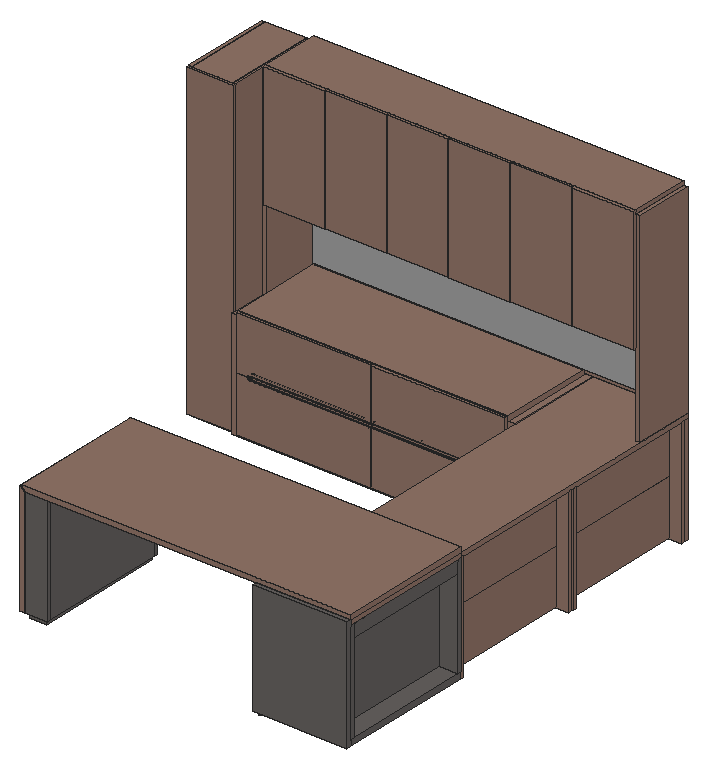
Revit family "OFS TYPICAL T100006", category Furniture, Revit 2022 (continued)
Definition of nested family "OFS SLATE OVERLAY WORK TABLE HEIGHT ADJUSTABLE"
  Forms (in)
    Extrusion 23, solid, material <- "Panel", visible <- "Right"
      sketch origin (0, 0, 0.45) x (1, 0, 0) y (0, 1, 0)
        loop
          line (24, 0) -> (0, 0) -> (0, -1.1875) -> (24, -1.1875) -> (24, 0)
      from 0 to 28.75
    Extrusion 24, solid, material <- "Panel", visible <- "Right"
      sketch origin (0, -30, 0) x (-1, 0, 0) y (0, 0, -1)
        loop
          line (-0.75, -28.0125) -> (0, -28.0125) -> (0, -24.7625) -> (-0.75, -24.7625) -> (-0.75, -28.0125)
      from -0.75 to -28.0625
    Extrusion 25, solid, material <- "Panel", visible <- "Right"
      sketch origin (0, -30, 0) x (-1, 0, 0) y (0, 0, -1)
        loop
          line (-5.74928, -27.26248) -> (-5, -27.26248) -> (-5, -1.7) -> (-5.74928, -1.7) -> (-5.74928, -27.26248)
      from -0.0625 to -28.8125
    Extrusion 26, solid, material <- "Worksurface", visible <- "Right"
      sketch origin (0, -30, 0) x (-1, 0, 0) y (0, 0, -1)
        loop
          line (-24, -29.2) -> (0, -29.2) -> (0, -28.0125) -> (-24, -28.0125) -> (-24, -29.2)
      from 0 to -28.8125
    Extrusion 27, solid, material <- "Panel", visible <- "Right"
      sketch origin (0, 0, 1.7) x (1, 0, 0) y (0, 1, 0)
        loop
          line (5, -1.9375) -> (5, -1.1875) -> (0, -1.1875) -> (0, -1.9375) -> (5, -1.9375)
        loop
          line (5, -29.25) -> (0, -29.25) -> (0, -30) -> (5, -30) -> (5, -29.25)
      from 0.25 to 26.3125
    Extrusion 28, solid, material <- "Panel", visible <- "Right"
      sketch origin (0, 0, 1.7) x (1, 0, 0) y (0, 1, 0)
        loop
          line (59.8125, -1.9375) -> (59.0625, -1.9375) -> (59.0625, -29.1875) -> (59.8125, -29.1875) -> (59.8125, -1.9375)
        loop
          line (64.0625, -1.9375) -> (64.0625, -29.1875) -> (64.8125, -29.1875) -> (64.8125, -1.9375) -> (64.0625, -1.9375)
      from 0 to 27.5
    Extrusion 29, solid, material <- "Panel", visible <- "Right"
      sketch origin (0, 0, 1.7) x (1, 0, 0) y (0, 1, 0)
        loop
          line (64.8125, -1.1875) -> (59.0625, -1.1875) -> (59.0625, -1.9375) -> (64.8125, -1.9375) -> (64.8125, -1.1875)
        loop
          line (64.8125, -29.9375) -> (64.8125, -29.1875) -> (59.0625, -29.1875) -> (59.0625, -29.9375) -> (64.8125, -29.9375)
      from 0 to 27.5
    Extrusion 30, solid, material <- "Worksurface", visible <- "Right"
      sketch origin (0, -30, 0) x (-1, 0, 0) y (0, 0, -1)
        loop
          line (0, -30.3875) -> (0, -29.2) -> (-64.8125, -29.2) -> (-65.78625, -30.17375)
          arc (-65.78625, -30.17375) -> (-65.8134, -30.3102) -> (-65.69771, -30.3875) r 0.12521
          line (-65.69771, -30.3875) -> (0, -30.3875)
      from 0 to -28.8125
    Extrusion 31, solid, material <- "Panel", visible <- "Right"
      sketch origin (0, 0, 0.45) x (1, 0, 0) y (0, 1, 0)
        loop
          line (5, -1.1875) -> (0, -1.1875) -> (0, -30) -> (5, -30) -> (5, -1.1875)
      from 0 to 1.5
    Extrusion 32, solid, material <- "Panel", visible <- "Right"
      sketch origin (0, 0, 0.45) x (1, 0, 0) y (0, 1, 0)
        loop
          line (64.0625, -1.9375) -> (59.8125, -1.9375) -> (59.8125, -29.1875) -> (64.0625, -29.1875) -> (64.0625, -1.9375)
      from 0 to 1.25
  Lines and regions (in)
    Masking region 1, visible <- "Left"
      outline origin (0, 0, 0) x (1, 0, 0) y (0, 1, 0)
        loop
          line (-66, -30) -> (0, -30) -> (0, 0) -> (-24, 0) -> (-24, -1.1875) -> (-66, -1.1875) -> (-66, -30)
    Masking region 2, visible <- "Right"
      outline origin (0, 0, 0) x (0, 1, 0) y (-1, 0, 0)
        loop
          line (-30, -66) -> (-1.1875, -66) -> (-1.1875, -24) -> (0, -24) -> (0, 0) -> (-30, 0) -> (-30, -66)
    symbolic lines, visible <- "Left", detail levels medium+fine
      curve 1: line (-24, -1.1875, 0) -> (0, -1.1875, 0)
    symbolic lines, visible <- "Right", detail levels medium+fine
      curve 2: line (24, -1.1875, 0) -> (0, -1.1875, 0)
  Dimensions and locks (in)
    "Width": plane 7 to plane 3 "Center (Left/Right)"
    equal spacing: plane 7, plane 9, plane 3 "Center (Left/Right)"
    "Width": plane 3 "Center (Left/Right)" to plane 8
    equal spacing: plane 3 "Center (Left/Right)", plane 10, plane 8
    "Depth": plane 6 "Front Face" to plane 1 "Center (Front/Back)"
    locked: plane 6 "Front Face" to plane 23 at 0.8125
    plane 7 to plane 14 "Left Side Base L" to plane 21 = 0' - 4 1/16" locked, 0' - 2 7/8" locked
    plane 22 to plane 15 "Right Side Base R" to plane 8 = 0' - 2 7/8" locked, 0' - 4 1/16" locked
    locked: plane 11 to plane 20 at 1.1875
    locked: plane 20 to Extrusion 8 sketch curve at 1.1875
    locked: plane 20 to Extrusion 26 sketch curve at 1.1875
    aligned and locked: level to plane 2
    aligned and locked: Extrusion 1 sketch curve to plane 7
    aligned and locked: plane 6 "Front Face" to Extrusion 1
    aligned and locked: plane 5 to Extrusion 1
    aligned and locked: Extrusion 2 sketch curve to plane 5
    aligned and locked: Extrusion 2 sketch curve to plane 21
    aligned and locked: plane 21 to Extrusion 2 sketch curve
    aligned and locked: plane 24 to Extrusion 2 sketch curve
    aligned and locked: Extrusion 2 sketch curve to plane 23
    aligned and locked: plane 24 to Extrusion 3 sketch curve
    aligned and locked: Extrusion 3 sketch curve to plane 24
    aligned and locked: Extrusion 3 sketch curve to plane 21
    aligned and locked: plane 23 to Extrusion 3 sketch curve
    aligned and locked: Extrusion 3 sketch curve to plane 23
    aligned and locked: Extrusion 2 to plane 12 "Base 2"
    aligned and locked: plane 20 to Extrusion 2
    aligned and locked: Extrusion 3 to plane 12 "Base 2"
    aligned and locked: plane 20 to Extrusion 3
    aligned and locked: Extrusion 4 sketch curve to plane 24
    aligned and locked: Extrusion 4 sketch curve to plane 23
    aligned and locked: plane 12 "Base 2" to Extrusion 4
    aligned and locked: Extrusion 4 to plane 13 "Base 1"
    aligned and locked: Revolve 6 sketch curve to plane 13 "Base 1"
    aligned and locked: plane 2 to Revolve 6 sketch curve
    aligned and locked: plane 5 to Extrusion 7 sketch curve
    aligned and locked: plane 1 "Center (Front/Back)" to Extrusion 7 sketch curve
    aligned and locked: Extrusion 7 sketch curve to plane 3 "Center (Left/Right)"
    aligned and locked: Extrusion 7 to plane 13 "Base 1"
    aligned and locked: Extrusion 8 sketch curve to plane 3 "Center (Left/Right)"
    aligned and locked: Extrusion 8 sketch curve to plane 20
    aligned and locked: Extrusion 8 to plane 6 "Front Face"
    aligned and locked: plane 5 to Extrusion 8
    aligned and locked: Extrusion 9 sketch curve to plane 3 "Center (Left/Right)"
    aligned and locked: Extrusion 9 to plane 6 "Front Face"
    aligned and locked: plane 5 to Extrusion 9
    aligned and locked: Revolve 11 sketch curve to plane 13 "Base 1"
    aligned and locked: plane 2 to Revolve 11 sketch curve
    aligned and locked: plane 13 "Base 1" to Revolve 12 sketch curve
    aligned and locked: Revolve 12 sketch curve to plane 2
    aligned and locked: Extrusion 13 sketch curve to plane 3 "Center (Left/Right)"
    aligned and locked: Extrusion 13 sketch curve to plane 6 "Front Face"
    aligned and locked: Extrusion 13 sketch curve to plane 24
    aligned and locked: plane 3 "Center (Left/Right)" to Extrusion 13 sketch curve
    aligned and locked: plane 5 to Extrusion 13 sketch curve
    aligned and locked: plane 12 "Base 2" to Extrusion 14 sketch curve
    aligned and locked: plane 5 to Extrusion 14
    aligned and locked: Extrusion 15 sketch curve to plane 3 "Center (Left/Right)"
    aligned and locked: plane 24 to Extrusion 15
    aligned and locked: Extrusion 16 sketch curve to plane 5
    aligned and locked: Extrusion 16 sketch curve to plane 3 "Center (Left/Right)"
    aligned and locked: Extrusion 16 sketch curve to plane 6 "Front Face"
    aligned and locked: Extrusion 16 to plane 13 "Base 1"
    aligned and locked: plane 7 to Masking region 1 sketch curve
    aligned and locked: plane 6 "Front Face" to Masking region 1 sketch curve
    aligned and locked: plane 3 "Center (Left/Right)" to Masking region 1 sketch curve
    aligned and locked: plane 5 to Masking region 1 sketch curve
    aligned and locked: Masking region 1 sketch curve to plane 1 "Center (Front/Back)"
    aligned and locked: Masking region 1 sketch curve to Extrusion 7
    aligned and locked: Extrusion 7 to curve 1
    aligned and locked: plane 3 "Center (Left/Right)" to curve 1
    aligned and locked: curve 1 to plane 5
    aligned and locked: nested 1 to plane 6 "Front Face"
    aligned and locked: plane 9 to nested 1
    aligned and locked: plane 3 "Center (Left/Right)" to Masking region 2 sketch curve
    aligned and locked: Masking region 2 sketch curve to plane 6 "Front Face"
    aligned and locked: Masking region 2 sketch curve to plane 8
    aligned and locked: Masking region 2 sketch curve to plane 5
    aligned and locked: plane 1 "Center (Front/Back)" to Masking region 2 sketch curve
    aligned and locked: plane 8 to Extrusion 20 sketch curve
    aligned and locked: plane 12 "Base 2" to Extrusion 20 sketch curve
    aligned and locked: plane 20 to Extrusion 20 sketch curve
    aligned and locked: plane 6 "Front Face" to Extrusion 20
    aligned and locked: plane 5 to Extrusion 20
    aligned and locked: Extrusion 23 sketch curve to plane 3 "Center (Left/Right)"
    aligned and locked: Extrusion 23 sketch curve to plane 5
    aligned and locked: Extrusion 23 sketch curve to plane 1 "Center (Front/Back)"
    aligned and locked: plane 24 to Extrusion 24
    aligned and locked: Extrusion 24 to Extrusion 13
    aligned and locked: Extrusion 15 to Extrusion 13
    aligned and locked: plane 5 to Extrusion 25
    aligned and locked: Extrusion 14 to Extrusion 25
    aligned and locked: plane 5 to Extrusion 26
    aligned and locked: plane 6 "Front Face" to Extrusion 26
    aligned and locked: Extrusion 26 to Extrusion 23
    aligned and locked: plane 3 "Center (Left/Right)" to Extrusion 27 sketch curve
    aligned and locked: Extrusion 27 sketch curve to Extrusion 25  (x2)
    aligned and locked: Extrusion 27 sketch curve to plane 5
    aligned and locked: plane 24 to Extrusion 27 sketch curve
    aligned and locked: Extrusion 27 sketch curve to plane 3 "Center (Left/Right)"
    aligned and locked: plane 6 "Front Face" to Extrusion 27 sketch curve
    aligned and locked: Extrusion 28 sketch curve to plane 24
    aligned and locked: plane 24 to Extrusion 28 sketch curve
    aligned and locked: plane 22 to Extrusion 28 sketch curve
    aligned and locked: Extrusion 20 to Extrusion 28 sketch curve
    aligned and locked: plane 23 to Extrusion 28 sketch curve
    aligned and locked: Extrusion 28 sketch curve to plane 23
    aligned and locked: plane 5 to Extrusion 29 sketch curve
    aligned and locked: Extrusion 29 sketch curve to plane 24
    aligned and locked: plane 23 to Extrusion 29 sketch curve
    aligned and locked: Extrusion 29 sketch curve to Extrusion 28
    aligned and locked: Extrusion 29 sketch curve to plane 22
    aligned and locked: plane 22 to Extrusion 29 sketch curve
    aligned and locked: plane 5 to Extrusion 30
    aligned and locked: plane 6 "Front Face" to Extrusion 30
    aligned and locked: Extrusion 30 sketch curve to plane 3 "Center (Left/Right)"
    aligned and locked: plane 11 to Extrusion 30 sketch curve
    aligned and locked: plane 20 to Extrusion 30 sketch curve
    aligned and locked: Extrusion 9 to plane 11
    aligned and locked: Extrusion 9 to plane 20
    aligned and locked: Extrusion 9 to Extrusion 1
    aligned and locked: Extrusion 13 to Extrusion 8
    aligned and locked: Extrusion 27 to Extrusion 26
    aligned and locked: plane 20 to Extrusion 29
    aligned and locked: plane 20 to Extrusion 28
    aligned and locked: Extrusion 9 sketch curve to plane 11
    aligned and locked: plane 20 to Extrusion 8
    aligned and locked: plane 20 to Extrusion 9 sketch curve
    aligned and locked: plane 20 to Extrusion 7
    aligned and locked: plane 20 to Extrusion 23
    aligned and locked: plane 5 to Extrusion 31 sketch curve
    aligned and locked: plane 6 "Front Face" to Extrusion 31 sketch curve
    aligned and locked: Extrusion 31 sketch curve to plane 3 "Center (Left/Right)"
    aligned and locked: plane 24 to Extrusion 32 sketch curve
    aligned and locked: plane 23 to Extrusion 32 sketch curve
    aligned and locked: plane 12 "Base 2" to Extrusion 32
    aligned and locked: plane 10 to nested 2
    aligned and locked: plane 6 "Front Face" to nested 2
    aligned and locked: Extrusion 23 to plane 5
    aligned and locked: curve 2 to Extrusion 23
    aligned and locked: Extrusion 23 to plane 1 "Center (Front/Back)"
    aligned and locked: plane 5 to Masking region 2
    aligned and locked: plane 6 "Front Face" to Masking region 2
    aligned and locked: Extrusion 30 to plane 3 "Center (Left/Right)"
  Automatic sketch dimensions
    Extrusion 3 sketch curve to plane 21 = 0' - 0 3/4"
    Extrusion 3 sketch curve to plane 7 = 0' - 1 15/16"
    Extrusion 3 sketch curve to Extrusion 3 sketch curve = 0' - 0 3/4"
    Extrusion 4 sketch curve to plane 21 = 0' - 0 3/4"
    Extrusion 4 sketch curve to plane 7 = 0' - 1 15/16"
    plane 18 "RLI" to Extrusion 7 sketch curve = 0' - 1 1/2"
    plane 18 "RLI" to Extrusion 8 sketch curve = 0' - 1 1/2"
    plane 16 "RLO" to Extrusion 16 sketch curve = 0' - 2 1/2"
    Extrusion 31 sketch curve to plane 17 "LLO" = 0' - 2 1/2"
    plane 22 to Extrusion 32 sketch curve = 0' - 0 3/4"
    plane 8 to Extrusion 32 sketch curve = 0' - 1 15/16"
    Extrusion 1 sketch curve to plane 12 "Base 2" = 0' - 0"
    Extrusion 1 sketch curve to plane 20 = 0' - 0"
    Extrusion 1 sketch curve to Extrusion 1 sketch curve = 0' - 0.12464"
    Extrusion 1 sketch curve to Extrusion 1 sketch curve = 0' - 0.08814"
    Extrusion 1 sketch curve to plane 7 = 0' - 1 3/16"
    plane 11 to Extrusion 1 sketch curve = 0' - 0.30092"
    Extrusion 2 sketch curve to plane 7 = 0' - 1 3/16"  (x2)
    Extrusion 2 sketch curve to plane 6 "Front Face" = 0' - 0 1/16"
    Revolve 5 sketch curve to plane 13 "Base 1" = 0' - 0"  (x2)
    Revolve 5 sketch curve to level = 0' - 0"  (x2)
    Revolve 5 sketch curve to plane 23 = 0' - 1.26355"
    level to Revolve 5 sketch curve = 0' - 0.13"
    Revolve 5 sketch curve to Revolve 5 sketch curve = 0' - 0.245"
    Revolve 5 sketch curve to Revolve 5 sketch curve = 0' - 0.28868"
    Revolve 5 sketch curve to Revolve 5 sketch curve = 0' - 0"
    Revolve 6 sketch curve to level = 0' - 0"
    Revolve 6 sketch curve to plane 13 "Base 1" = 0' - 0"
    Revolve 6 sketch curve to plane 24 = 0' - 1.26355"
    level to Revolve 6 sketch curve = 0' - 0.13"
    Revolve 6 sketch curve to Revolve 6 sketch curve = 0' - 0.245"
    Revolve 6 sketch curve to Revolve 6 sketch curve = 0' - 0.28868"
    Revolve 6 sketch curve to Revolve 6 sketch curve = 0' - 0"
    Extrusion 9 sketch curve to plane 7 = 0' - 1 3/16"
    Extrusion 9 sketch curve to plane 7 = 0' - 0.30229"
    Extrusion 9 sketch curve to Extrusion 9 sketch curve = 0' - 0.08854"
    plane 11 to Extrusion 9 sketch curve = 0' - 0.21375"
    Revolve 10 sketch curve to level = 0' - 0"  (x2)
    Revolve 10 sketch curve to plane 13 "Base 1" = 0' - 0"  (x2)
    plane 1 "Center (Front/Back)" to Revolve 10 sketch curve = 0' - 0 19/32"
    level to Revolve 10 sketch curve = 0' - 0.13"
    Revolve 10 sketch curve to Revolve 10 sketch curve = 0' - 0.245"
    Revolve 10 sketch curve to Revolve 10 sketch curve = 0' - 0.28868"
    Revolve 10 sketch curve to Revolve 10 sketch curve = 0' - 0"
    Revolve 11 sketch curve to level = 0' - 0"
    Revolve 11 sketch curve to plane 13 "Base 1" = 0' - 0"
    Revolve 11 sketch curve to plane 24 = 0' - 0.77631"
    level to Revolve 11 sketch curve = 0' - 0.13"
    Revolve 11 sketch curve to Revolve 11 sketch curve = 0' - 0.245"
    Revolve 11 sketch curve to Revolve 11 sketch curve = 0' - 0.28868"
    Revolve 11 sketch curve to Revolve 11 sketch curve = 0' - 0"
    Revolve 12 sketch curve to plane 13 "Base 1" = 0' - 0"
    Revolve 12 sketch curve to level = 0' - 0"
    Revolve 12 sketch curve to plane 23 = 0' - 0.71381"
    level to Revolve 12 sketch curve = 0' - 0.13"
    Revolve 12 sketch curve to Revolve 12 sketch curve = 0' - 0.245"
    Revolve 12 sketch curve to Revolve 12 sketch curve = 0' - 0.28868"
    Revolve 12 sketch curve to Revolve 12 sketch curve = 0' - 0"
    plane 16 "RLO" to Extrusion 13 sketch curve = 0' - 2 1/2"  (x2)
    plane 23 to Extrusion 13 sketch curve = 0' - 0 1/16"
    plane 16 "RLO" to Extrusion 14 sketch curve = 0' - 3.24928"
    Extrusion 14 sketch curve to Extrusion 14 sketch curve = 0' - 0.74928"
    Extrusion 14 sketch curve to plane 20 = 0' - 1.93752"
    Extrusion 15 sketch curve to plane 3 "Center (Left/Right)" = 0' - 0 3/4"
    Extrusion 15 sketch curve to plane 20 = 0' - 4 7/16"
    Extrusion 15 sketch curve to plane 20 = 0' - 1 3/16"
    Revolve 17 sketch curve to plane 13 "Base 1" = 0' - 0"  (x2)
    Revolve 17 sketch curve to level = 0' - 0"  (x2)
    plane 23 to Revolve 17 sketch curve = 0' - 1.26355"
    Revolve 17 sketch curve to level = 0' - 0.13"
    Revolve 17 sketch curve to Revolve 17 sketch curve = 0' - 0.245"
    Revolve 17 sketch curve to Revolve 17 sketch curve = 0' - 0.28868"
    Revolve 17 sketch curve to Revolve 17 sketch curve = 0' - 0"
    Revolve 18 sketch curve to level = 0' - 0"  (x2)
    Revolve 18 sketch curve to plane 13 "Base 1" = 0' - 0"  (x2)
    plane 24 to Revolve 18 sketch curve = 0' - 1.26355"
    Revolve 18 sketch curve to level = 0' - 0.13"
    Revolve 18 sketch curve to Revolve 18 sketch curve = 0' - 0.245"
    Revolve 18 sketch curve to Revolve 18 sketch curve = 0' - 0.28868"
    Revolve 18 sketch curve to Revolve 18 sketch curve = 0' - 0"
    Revolve 19 sketch curve to level = 0' - 0"  (x2)
    Revolve 19 sketch curve to plane 13 "Base 1" = 0' - 0"  (x2)
    plane 1 "Center (Front/Back)" to Revolve 19 sketch curve = 0' - 0 19/32"
    level to Revolve 19 sketch curve = 0' - 0.13"
    Revolve 19 sketch curve to Revolve 19 sketch curve = 0' - 0.245"
    Revolve 19 sketch curve to Revolve 19 sketch curve = 0' - 0.28868"
    Revolve 19 sketch curve to Revolve 19 sketch curve = 0' - 0"
    Masking region 2 sketch curve to plane 19 "LLI" = 0' - 1 1/2"
    Extrusion 20 sketch curve to Extrusion 20 sketch curve = 0' - 0.12464"
    Extrusion 20 sketch curve to Extrusion 20 sketch curve = 0' - 0.08814"
    Extrusion 20 sketch curve to Extrusion 20 sketch curve = 0' - 1 3/16"
    Extrusion 20 sketch curve to plane 11 = 0' - 0.30092"
    Revolve 21 sketch curve to plane 13 "Base 1" = 0' - 0"  (x2)
    Revolve 21 sketch curve to level = 0' - 0"  (x2)
    Revolve 21 sketch curve to plane 24 = 0' - 1.06498"
    Revolve 21 sketch curve to Revolve 21 sketch curve = 0' - 0.04367"
    Revolve 21 sketch curve to Revolve 21 sketch curve = 0' - 0.28868"
    Revolve 21 sketch curve to Revolve 21 sketch curve = 0' - 0.13"
    Revolve 21 sketch curve to Revolve 21 sketch curve = 0' - 0"
    Revolve 22 sketch curve to plane 13 "Base 1" = 0' - 0"  (x2)
    Revolve 22 sketch curve to level = 0' - 0"  (x2)
    Revolve 22 sketch curve to plane 23 = 0' - 0.42513"
    Revolve 22 sketch curve to Revolve 22 sketch curve = 0' - 0.04368"
    Revolve 22 sketch curve to Revolve 22 sketch curve = 0' - 0.245"
    level to Revolve 22 sketch curve = 0' - 0.13"
    Revolve 22 sketch curve to Revolve 22 sketch curve = 0' - 0"
    plane 19 "LLI" to Extrusion 23 sketch curve = 0' - 1 1/2"
    Extrusion 24 sketch curve to plane 3 "Center (Left/Right)" = 0' - 0"
    Extrusion 24 sketch curve to plane 3 "Center (Left/Right)" = 0' - 0 3/4"
    plane 20 to Extrusion 24 sketch curve = 0' - 4 7/16"
    plane 20 to Extrusion 24 sketch curve = 0' - 1 3/16"
    Extrusion 25 sketch curve to plane 12 "Base 2" = 0' - 0"
    Extrusion 25 sketch curve to plane 17 "LLO" = 0' - 3.24928"
    Extrusion 25 sketch curve to Extrusion 25 sketch curve = 0' - 0.74928"
    plane 20 to Extrusion 25 sketch curve = 0' - 1.93752"
    Extrusion 26 sketch curve to plane 20 = 0' - 0"
    Extrusion 26 sketch curve to plane 3 "Center (Left/Right)" = 0' - 0"
    plane 19 "LLI" to Extrusion 26 sketch curve = 0' - 1 1/2"
    Extrusion 27 sketch curve to plane 23 = 0' - 0 1/16"
    Extrusion 28 sketch curve to Extrusion 28 sketch curve = 0' - 0 3/4"  (x2)
    plane 8 to Extrusion 29 sketch curve = 0' - 1 3/16"
    plane 6 "Front Face" to Extrusion 29 sketch curve = 0' - 0 1/16"
    plane 8 to Extrusion 30 sketch curve = 0' - 1 3/16"
    plane 8 to Extrusion 30 sketch curve = 0' - 0.30229"
    Extrusion 30 sketch curve to Extrusion 30 sketch curve = 0' - 0.08854"
    Extrusion 30 sketch curve to plane 11 = 0' - 0.21375"
  Nested families (in)
    nested 1: "Tag" at (-33, -30, 0) x (-1, 0, 0) z (0, 0, 1), visible <- "Left", type "Center", detail levels fine
      with Offset (LR) 0' - 0", Distance of Center (not Change) 0' - 0.11"
    nested 2: "Tag" at (33, -30, 0), visible <- "Right", type "Center", detail levels fine
      with Offset (LR) 0' - 0", Distance of Center (not Change) 0' - 0.11"
  Definition of nested family "Tag"
    Parameters
      P_Width = 0' - 0"
      Text_Width = "Empty"
      Text_Height = "Empty"
      Text_Diameter = "Empty"
      Text_Depth = "Empty"
      Offset (LR) [instance] = 0' - 0"
      Model Name = "EK-7168-E"
      P_Height = 0' - 0"
      Distance of Center (not Change) = 0' - 0"
      P_Diameter = 0' - 0"
      P_Depth = 0' - 0"
    Reference planes (in)
      plane 1: y = 0
      plane 2: x = 0
    Lines and regions (in)
      reference lines
        curve 1: line (-0.44359, 0, 0) -> (0.41085, 0, 0)
        curve 3: line (0, 0.32564, 0) -> (0, -0.40221, 0)
      reference lines, not visible
        curve 2: line (-0.44359, 0.09843, 0) -> (0.41085, 0.09843, 0)
        curve 4: line (0, 0.42407, 0) -> (0, -0.30379, 0)
    Text (in)
      label "Empty" at (0.00197, -0.0079, 0), shows "Model Name"
      label "Empty" at (0.00197, 0.09052, 0), shows "Model Name", not visible
    Dimensions and locks (in)
      "Distance of Center (not Change)": plane 1 to curve 1
      "Offset (LR)": curve 3 to plane 2
    Automatic sketch dimensions
      curve 1 to curve 3 = 0' - 0.44359"
      curve 3 to curve 1 = 0' - 0.41085"
      curve 3 to curve 1 = 0' - 0.40221"
      curve 1 to curve 3 = 0' - 0.32564"
      curve 2 to curve 4 = 0' - 0.44359"
      curve 4 to curve 2 = 0' - 0.41085"
      curve 4 to curve 2 = 0' - 0.40221"
      curve 2 to curve 4 = 0' - 0.32564"
Definition of nested family "OFS SLATE OVERLAY HIGHBACK ORGANIZER"
  Parameters (values of type "Overlay Highback Organizer 4 Doors 78W x 52H - 2 High")
    Show Doors [instance] = yes
    Width = 6' - 6"
    URL = "http://www.ofs.com/"
    Top [instance] = none
    Default Elevation = 0' - 0"
    Base Panel [instance] = none
    Panel [instance] = none
    Model = "CA-A7853HD31"
    Manufacturer = "CAROLINA"
    Length 2 = if(Width > 7' 0", Length 1 - 0' 0.063", Width / 2 - 0' 1")  # 3' - 2"
    Length 1 = if(Width > 7' 0", (Width / 6 - 0' 0.31"), 0' 0")  # 0' - 0"
    High = 2
    Height 1 = if(and(High = 1, Height = 3' 5"), 1' 7", if(and(High = 1.5, Height = 4' 5"), 2' 1", if(and(High = 2, Height = 4' 5"), 2' 7", 2' 1")))  # 2' - 7"
    Height = 4' - 5"
    Elevation [instance] = 2' - 5 1/4"
    Doors [instance] = none
    Description = "OFS SLATE Overlay Highback Organizer 4 Doors, 78W x 15.75D x 52.5H, Slate Private Office"
    Copyright © = "© 2019 OFS"
    Center Doors [instance] = and(Show Doors, Width > 7' 0")  # no
    Catalog = "https://ofs.com/products/tables/conference/slate"
    Base [instance] = none
    Back [instance] = none
    Authoring Version = "Autodesk Revit Architecture 2014"
    Assembly Code = "E2020200"
  Types (27): name | Width | Model | Length 2 | Length 1 | High | Height 1 | Height | Description | Center Doors
    Overlay Highback Organizer 6 Doors 108W x 52H - 2 High | 9' - 0" | "CA-A10853HD31" | 1' - 5.627" | 1' - 5.69" | 2 | 2' - 7" | 4' - 5" | "OFS SLATE Overlay Highback Organizer 6 Doors, 108W x 15.75D x 52.5H, Slate Private Office" | yes
    Overlay Highback Organizer 6 Doors 102W x 52H - 2 High | 8' - 6" | "CA-A10253HD31" | 1' - 4.627" | 1' - 4.69" | 2 | 2' - 7" | 4' - 5" | "OFS SLATE Overlay Highback Organizer 6 Doors, 102W x 15.75D x 52.5H, Slate Private Office" | yes
    Overlay Highback Organizer 6 Doors 96W x 52H - 2 High | 8' - 0" | "CA-A9653HD31" | 1' - 3.627" | 1' - 3.69" | 2 | 2' - 7" | 4' - 5" | "OFS SLATE Overlay Highback Organizer 6 Doors, 96W x 15.75D x 52.5H, Slate Private Office" | yes
    Overlay Highback Organizer 6 Doors 90W x 52H - 2 High | 7' - 6" | "CA-A9053HD31" | 1' - 2.627" | 1' - 2.69" | 2 | 2' - 7" | 4' - 5" | "OFS SLATE Overlay Highback Organizer 6 Doors, 90W x 15.75D x 52.5H, Slate Private Office" | yes
    Overlay Highback Organizer 4 Doors 84W x 52H - 2 High | 7' - 0" | "CA-A8453HD31" | 3' - 5" | 0' - 0" | 2 | 2' - 7" | 4' - 5" | "OFS SLATE Overlay Highback Organizer 4 Doors, 84W x 15.75D x 52.5H, Slate Private Office" | no
    Overlay Highback Organizer 4 Doors 78W x 52H - 2 High | 6' - 6" | "CA-A7853HD31" | 3' - 2" | 0' - 0" | 2 | 2' - 7" | 4' - 5" | "OFS SLATE Overlay Highback Organizer 4 Doors, 78W x 15.75D x 52.5H, Slate Private Office" | no
    Overlay Highback Organizer 4 Doors 72W x 52H - 2 High | 6' - 0" | "CA-A7253HD31" | 2' - 11" | 0' - 0" | 2 | 2' - 7" | 4' - 5" | "OFS SLATE Overlay Highback Organizer 4 Doors, 72W x 15.75D x 52.5H, Slate Private Office" | no
    Overlay Highback Organizer 4 Doors 66W x 52H - 2 High | 5' - 6" | "CA-A6653HD31" | 2' - 8" | 0' - 0" | 2 | 2' - 7" | 4' - 5" | "OFS SLATE Overlay Highback Organizer 4 Doors, 66W x 15.75D x 52.5H, Slate Private Office" | no
    Overlay Highback Organizer 4 Doors 60W x 52H - 2 High | 5' - 0" | "CA-A6053HD31" | 2' - 5" | 0' - 0" | 2 | 2' - 7" | 4' - 5" | "OFS SLATE Overlay Highback Organizer 4 Doors, 60W x 15.75D x 52.5H, Slate Private Office" | no
    Overlay Highback Organizer 6 Doors 108W x 52H - 1.5 High | 9' - 0" | "CA-A10853HD25" | 1' - 5.627" | 1' - 5.69" | 1.5 | 2' - 1" | 4' - 5" | "OFS SLATE Overlay Highback Organizer 6 Doors, 108W x 15.75D x 52.5H, Slate Private Office" | yes
    Overlay Highback Organizer 6 Doors 102W x 52H - 1.5 High | 8' - 6" | "CA-A10253HD25" | 1' - 4.627" | 1' - 4.69" | 1.5 | 2' - 1" | 4' - 5" | "OFS SLATE Overlay Highback Organizer 6 Doors, 102W x 15.75D x 52.5H, Slate Private Office" | yes
    Overlay Highback Organizer 6 Doors 96W x 52H - 1.5 High | 8' - 0" | "CA-A9653HD25" | 1' - 3.627" | 1' - 3.69" | 1.5 | 2' - 1" | 4' - 5" | "OFS SLATE Overlay Highback Organizer 6 Doors, 96W x 15.75D x 52.5H, Slate Private Office" | yes
    Overlay Highback Organizer 6 Doors 90W x 52H - 1.5 High | 7' - 6" | "CA-A9053HD25" | 1' - 2.627" | 1' - 2.69" | 1.5 | 2' - 1" | 4' - 5" | "OFS SLATE Overlay Highback Organizer 6 Doors, 90W x 15.75D x 52.5H, Slate Private Office" | yes
    Overlay Highback Organizer 4 Doors 84W x 52H - 1.5 High | 7' - 0" | "CA-A8453HD25" | 3' - 5" | 0' - 0" | 1.5 | 2' - 1" | 4' - 5" | "OFS SLATE Overlay Highback Organizer 4 Doors, 84W x 15.75D x 52.5H, Slate Private Office" | no
    Overlay Highback Organizer 4 Doors 78W x 52H - 1.5 High | 6' - 6" | "CA-A7853HD25" | 3' - 2" | 0' - 0" | 1.5 | 2' - 1" | 4' - 5" | "OFS SLATE Overlay Highback Organizer 4 Doors, 78W x 15.75D x 52.5H, Slate Private Office" | no
    Overlay Highback Organizer 4 Doors 72W x 52H - 1.5 High | 6' - 0" | "CA-A7253HD25" | 2' - 11" | 0' - 0" | 1.5 | 2' - 1" | 4' - 5" | "OFS SLATE Overlay Highback Organizer 4 Doors, 72W x 15.75D x 52.5H, Slate Private Office" | no
    Overlay Highback Organizer 4 Doors 66W x 52H - 1.5 High | 5' - 6" | "CA-A6653HD25" | 2' - 8" | 0' - 0" | 1.5 | 2' - 1" | 4' - 5" | "OFS SLATE Overlay Highback Organizer 4 Doors, 66W x 15.75D x 52.5H, Slate Private Office" | no
    Overlay Highback Organizer 4 Doors 60W x 52H - 1.5 High | 5' - 0" | "CA-A6053HD25" | 2' - 5" | 0' - 0" | 1.5 | 2' - 1" | 4' - 5" | "OFS SLATE Overlay Highback Organizer 4 Doors, 60W x 15.75D x 52.5H, Slate Private Office" | no
    Overlay Highback Organizer 6 Doors 108W x 40H - 1 High | 9' - 0" | "CA-A10841HD19" | 1' - 5.627" | 1' - 5.69" | 1 | 1' - 7" | 3' - 5" | "OFS SLATE Overlay Highback Organizer 6 Doors, 108W x 15.75D x 40.5H, Slate Private Office" | yes
    Overlay Highback Organizer 6 Doors 102W x 40H - 1 High | 8' - 6" | "CA-A10241HD19" | 1' - 4.627" | 1' - 4.69" | 1 | 1' - 7" | 3' - 5" | "OFS SLATE Overlay Highback Organizer 6 Doors, 102W x 15.75D x 40.5H, Slate Private Office" | yes
    Overlay Highback Organizer 6 Doors 96W x 40H - 1 High | 8' - 0" | "CA-A9641HD19" | 1' - 3.627" | 1' - 3.69" | 1 | 1' - 7" | 3' - 5" | "OFS SLATE Overlay Highback Organizer 6 Doors, 96W x 15.75D x 40.5H, Slate Private Office" | yes
    Overlay Highback Organizer 6 Doors 90W x 40H - 1 High | 7' - 6" | "CA-A9041HD19" | 1' - 2.627" | 1' - 2.69" | 1 | 1' - 7" | 3' - 5" | "OFS SLATE Overlay Highback Organizer 6 Doors, 90W x 15.75D x 40.5H, Slate Private Office" | yes
    Overlay Highback Organizer 4 Doors 84W x 40H - 1 High | 7' - 0" | "CA-A8441HD19" | 3' - 5" | 0' - 0" | 1 | 1' - 7" | 3' - 5" | "OFS SLATE Overlay Highback Organizer 4 Doors, 84W x 15.75D x 40.5H, Slate Private Office" | no
    Overlay Highback Organizer 4 Doors 78W x 40H - 1 High | 6' - 6" | "CA-A7841HD19" | 3' - 2" | 0' - 0" | 1 | 1' - 7" | 3' - 5" | "OFS SLATE Overlay Highback Organizer 4 Doors, 78W x 15.75D x 40.5H, Slate Private Office" | no
    Overlay Highback Organizer 4 Doors 72W x 40H - 1 High | 6' - 0" | "CA-A7241HD19" | 2' - 11" | 0' - 0" | 1 | 1' - 7" | 3' - 5" | "OFS SLATE Overlay Highback Organizer 4 Doors, 72W x 15.75D x 40.5H, Slate Private Office" | no
    Overlay Highback Organizer 4 Doors 66W x 40H - 1 High | 5' - 6" | "CA-A6641HD19" | 2' - 8" | 0' - 0" | 1 | 1' - 7" | 3' - 5" | "OFS SLATE Overlay Highback Organizer 4 Doors, 66W x 15.75D x 40.5H, Slate Private Office" | no
    Overlay Highback Organizer 4 Doors 60W x 40H - 1 High | 5' - 0" | "CA-A6041HD19" | 2' - 5" | 0' - 0" | 1 | 1' - 7" | 3' - 5" | "OFS SLATE Overlay Highback Organizer 4 Doors, 60W x 15.75D x 40.5H, Slate Private Office" | no
  Reference planes (in)
    plane 1 "Center (Front/Back)": y = 0
    plane 2: z = 0
    plane 3 "Center (Left/Right)": x = 0
    plane 4: x = 78
    plane 5: y = -15
    plane 6: x = 39
    plane 7: z = 29.25
    plane 8: z = 80.75
    plane 9: z = 80
    plane 10: z = 51.4375
    plane 11: z = 50.25
    plane 12: z = 29.75
    plane 13: z = 81.25
    plane 14: x = 39
    plane 15: x = 39
    plane 16: x = 20
    plane 17: x = 58
    plane 18: x = 1
    plane 19: x = 77
    plane 20: z = 81.8125
    plane 21: z = 81.75
    plane 22: z = 82.25
  Forms (in)
    Extrusion 1, solid, material <- "Panel"
      sketch origin (39, -0.75, 47.24409) x (0, 1, 0) y (0, 0, 1)
        loop
          line (0, 32.7559) -> (-14.25, 32.7559) -> (-14.25, 4.19341) -> (0, 4.19341) -> (0, 32.7559)
      from -0.375 to 0.375
    Extrusion 2, solid, material <- "Panel"
      sketch origin (39, -0.75, 47.24409) x (0, 1, 0) y (0, 0, -1)
        loop
          line (0, -32.7559) -> (0, -4.19341) -> (-14.25, -4.19341) -> (-14.25, -32.7559) -> (0, -32.7559)
      from -0.375 to 0.375
    Extrusion 3, solid, material <- "Doors", visible <- "Show Doors"
      sketch origin (-3.99704, -15, 47.24409) x (-1, 0, 0) y (0, 0, 1)
        loop
          line (-4.99704, 34.50591) -> (-23.93204, 34.50591) -> (-23.93204, 3.00591) -> (-4.99704, 3.00591) -> (-4.99704, 34.50591)
        loop
          line (-80.99704, 34.50591) -> (-80.99704, 3.00591) -> (-62.06204, 3.00591) -> (-62.06204, 34.50591) -> (-80.99704, 34.50591)
      from -0.08661 to -0.83661
    Extrusion 4, solid, material <- "Doors", visible <- "Show Doors"
      sketch origin (-3.99704, -15, 47.24409) x (-1, 0, 0) y (0, 0, 1)
        loop
          line (-42.93454, 34.50591) -> (-42.93454, 3.00591) -> (-24.06204, 3.00591) -> (-24.06204, 34.50591) -> (-42.93454, 34.50591)
        loop
          line (-43.05954, 34.50591) -> (-61.93204, 34.50591) -> (-61.93204, 3.00591) -> (-43.05954, 3.00591) -> (-43.05954, 34.50591)
      from -0.08661 to -0.83661
    Extrusion 5, solid, material <- "Doors", visible <- "Center Doors"
      sketch origin (-3.99704, -15, 47.24409) x (-1, 0, 0) y (0, 0, 1)
        loop
          line (-42.93204, 34.50591) -> (-42.93204, 3.00591) -> (-4.99704, 3.00591) -> (-4.99704, 34.50591) -> (-42.93204, 34.50591)
        loop
          line (-43.06204, 34.50591) -> (-80.99704, 34.50591) -> (-80.99704, 3.00591) -> (-43.06204, 3.00591) -> (-43.06204, 34.50591)
      from -0.08661 to -0.83661
    Extrusion 6, solid, material <- "Panel"
      sketch origin (-59.82313, -60, 29.25) x (-1, 0, 0) y (0, -1, 0)
        loop
          line (-59.82313, -60) -> (-59.82313, -45) -> (-61.01063, -45) -> (-61.01063, -60) -> (-59.82313, -60)
        loop
          line (-137.82313, -60) -> (-136.63563, -60) -> (-136.63563, -45) -> (-137.82313, -45) -> (-137.82313, -60)
      from 0 to 51.5
    Extrusion 7, solid, material <- "Top"
      sketch origin (1, 4.23653, 47.24409) x (0, 1, 0) y (0, 0, 1)
        loop
          line (-4.23653, 34.56841) -> (-19.23653, 34.56841) -> (-19.23653, 33.5059) -> (-4.23653, 33.5059) -> (-4.23653, 34.56841)
      from 0 to 76
    Extrusion 8, solid, material <- "Back"
      sketch origin (1.1875, 0, 29.25) x (0, -1, 0) y (0, 0, -1)
        loop
          line (0, -50.75) -> (0.75, -50.75) -> (0.75, -0.5) -> (0, -0.5) -> (0, -50.75)
      from 0 to 75.625
    Extrusion 9, solid, material <- "Top"
      sketch origin (-3.99704, -15, 47.24409) x (-1, 0, 0) y (0, 0, 1)
        loop
          line (-5.18454, 32.7559) -> (-5.18454, 33.5059) -> (-80.80954, 33.5059) -> (-80.80954, 32.7559) -> (-5.18454, 32.7559)
      from 0 to 15
    Extrusion 10, solid, material <- "Base Panel"
      sketch origin (-3.99704, -15, 47.24409) x (-1, 0, 0) y (0, 0, 1)
        loop
          line (-5.18454, 4.19341) -> (-80.80954, 4.19341) -> (-80.80954, 3.00591) -> (-5.18454, 3.00591) -> (-5.18454, 4.19341)
      from 0 to 14.25
    Extrusion 11, void
      sketch origin (0, 0, 0) x (0, -1, 0) y (0, 0, 1)
        loop
          line (15.52484, 50.25) -> (15.08661, 50.68822) -> (15.08661, 50.25) -> (15.52484, 50.25)
      from 0 to -78
  Cuts and joins
    Extrusion 11 cuts Extrusion 3
    joined: Extrusion 1, Extrusion 6
  Lines and regions (in)
    Masking region 1
      outline origin (69.63251, -60, 80.75) x (0, -1, 0) y (1, 0, 0)
        loop
          line (-60, -69.63251) -> (-45, -69.63251) -> (-45, -68.63251) -> (-44.16339, -68.63251) -> (-44.16339, 7.36749) -> (-45, 7.36749) -> (-45, 8.36749) -> (-60, 8.36749) -> (-60, -69.63251)
  Dimensions and locks (in)
    "Width": plane 3 "Center (Left/Right)" to plane 4
    equal spacing: plane 3 "Center (Left/Right)", plane 6, plane 4
    plane 1 "Center (Front/Back)" to plane 5 = 1' - 3"
    plane 22 to plane 20 to plane 21 to plane 13 to plane 8 to plane 9 = 0' - 0 7/16" locked, 0' - 0 1/16" locked, 0' - 0 1/2" locked, 0' - 0 1/2" locked, 0' - 0 3/4" locked
    locked: plane 10 to plane 11 at 1.1875
    locked: plane 12 to plane 7 at 0.5
    "Height 1": plane 13 to plane 11
    "Length 1": plane 14 to plane 6
    "Elevation": plane 7 to level
    "Length 1": plane 15 to plane 6
    locked: Extrusion 3 sketch curve to plane 16 at 0.065
    locked: Extrusion 3 sketch curve to plane 17 at 0.065
    locked: plane 16 to Extrusion 4 sketch curve at 0.065
    locked: plane 14 to Extrusion 4 sketch curve at 0.0625
    locked: plane 15 to Extrusion 4 sketch curve at 0.0625
    locked: plane 17 to Extrusion 4 sketch curve at 0.065
    Extrusion 5 sketch curve to plane 6 to Extrusion 5 sketch curve = 0' - 0.065" locked, 0' - 0.065" locked
    "Length 2": Extrusion 5 sketch curve to plane 6
    "Length 2": plane 6 to Extrusion 5 sketch curve
    locked: plane 3 "Center (Left/Right)" to plane 18 at 1
    equal spacing: plane 18, plane 16, plane 14
    locked: plane 19 to plane 4 at 1
    equal spacing: plane 15, plane 17, plane 19
    locked: plane 3 "Center (Left/Right)" to Extrusion 6 sketch curve at 1.1875
    locked: Extrusion 6 sketch curve to plane 4 at 1.1875
    locked: plane 1 "Center (Front/Back)" to Extrusion 8 sketch curve at 0.75
    "Height": plane 22 to plane 7
    aligned and locked: level to plane 2
    aligned and locked: plane 6 to nested 1
    aligned and locked: plane 5 to Extrusion 1 sketch curve
    aligned and locked: Extrusion 1 sketch curve to plane 10
    aligned and locked: Extrusion 1 sketch curve to plane 9
    aligned and locked: Extrusion 2 sketch curve to plane 9
    aligned and locked: Extrusion 2 sketch curve to plane 10
    aligned and locked: plane 5 to Extrusion 2 sketch curve
    aligned and locked: plane 11 to Extrusion 3 sketch curve
    aligned and locked: Extrusion 3 sketch curve to plane 11
    aligned and locked: plane 11 to Extrusion 4 sketch curve
    aligned and locked: Extrusion 4 sketch curve to plane 11
    aligned and locked: plane 11 to Extrusion 5 sketch curve
    aligned and locked: Extrusion 5 sketch curve to plane 11
    aligned and locked: plane 18 to Extrusion 3 sketch curve
    aligned and locked: Extrusion 3 sketch curve to plane 19
    aligned and locked: Extrusion 3 sketch curve to plane 21  (x2)
    aligned and locked: Extrusion 4 sketch curve to plane 21
    aligned and locked: plane 21 to Extrusion 4 sketch curve
    aligned and locked: Extrusion 5 sketch curve to plane 21  (x2)
    aligned and locked: plane 1 "Center (Front/Back)" to Extrusion 6 sketch curve
    aligned and locked: plane 3 "Center (Left/Right)" to Extrusion 6 sketch curve
    aligned and locked: plane 5 to Extrusion 6 sketch curve  (x2)
    aligned and locked: plane 4 to Extrusion 6 sketch curve
    aligned and locked: Extrusion 6 sketch curve to plane 1 "Center (Front/Back)"
    aligned and locked: Extrusion 6 to plane 8
    aligned and locked: plane 5 to Extrusion 7 sketch curve
    aligned and locked: Extrusion 7 sketch curve to plane 20
    aligned and locked: Extrusion 7 sketch curve to plane 8
    aligned and locked: plane 1 "Center (Front/Back)" to Extrusion 7 sketch curve
    aligned and locked: Extrusion 7 to plane 19
    aligned and locked: Extrusion 8 sketch curve to plane 12
    aligned and locked: plane 1 "Center (Front/Back)" to Extrusion 8 sketch curve
    aligned and locked: Extrusion 8 sketch curve to plane 9
    aligned and locked: Extrusion 8 to Extrusion 6
    aligned and locked: Extrusion 9 sketch curve to Extrusion 6  (x2)
    aligned and locked: Extrusion 9 sketch curve to plane 9
    aligned and locked: Extrusion 9 sketch curve to plane 8
    aligned and locked: Extrusion 9 to plane 1 "Center (Front/Back)"
    aligned and locked: plane 10 to Extrusion 10 sketch curve
    aligned and locked: Extrusion 10 sketch curve to plane 11
    aligned and locked: Extrusion 6 to Extrusion 10 sketch curve  (x2)
    aligned and locked: Extrusion 1 to Extrusion 10
    aligned and locked: Extrusion 11 sketch curve to plane 11
    aligned and locked: Extrusion 3 to Extrusion 11 sketch curve
    aligned and locked: plane 4 to Extrusion 11
    aligned and locked: plane 18 to Masking region 1 sketch curve
    aligned and locked: Masking region 1 sketch curve to cut or joined group of Extrusion 3, Extrusion 11
    aligned and locked: Masking region 1 sketch curve to plane 19
    aligned and locked: plane 5 to Masking region 1 sketch curve
    aligned and locked: Extrusion 5 to nested 1
  Automatic sketch dimensions
    plane 1 "Center (Front/Back)" to Extrusion 1 sketch curve = 0' - 0 3/4"
    Extrusion 2 sketch curve to plane 1 "Center (Front/Back)" = 0' - 0 3/4"
    plane 1 "Center (Front/Back)" to Masking region 1 sketch curve = 0' - 0"
    Masking region 1 sketch curve to plane 5 = 0' - 0"
    Masking region 1 sketch curve to plane 4 = 0' - 0"
    Extrusion 11 sketch curve to Extrusion 11 sketch curve = 0' - 0.43822"
    plane 11 to Extrusion 11 sketch curve = 0' - 0.43822"
    Masking region 1 sketch curve to plane 3 "Center (Left/Right)" = 0' - 0"
  Nested families (in)
    nested 1: "Tag" at (39, -15.83661, 0), type "Center", detail levels fine
      with Offset (LR) 0' - 0"
  Definition of nested family "Tag"
    Parameters
      P_Width = 0' - 0"
      Text_Width = "Empty"
      Text_Height = "Empty"
      Text_Diameter = "Empty"
      Text_Depth = "Empty"
      Offset (LR) [instance] = 0' - 0"
      Model Name = "Type Catalog"
      P_Height = 0' - 0"
      Distance of Center (not Change) = 0' - 0.1"
      P_Diameter = 0' - 0"
      P_Depth = 0' - 0"
    Reference planes (in)
      plane 1: y = 0
      plane 2: x = 0
    Lines and regions (in)
      reference lines
        curve 1: line (-0.44359, 0.1, 0) -> (0.41085, 0.1, 0)
        curve 3: line (0, 0.42564, 0) -> (0, -0.30221, 0)
      reference lines, not visible
        curve 2: line (-0.44359, 0.09843, 0) -> (0.41085, 0.09843, 0)
        curve 4: line (0, 0.42407, 0) -> (0, -0.30379, 0)
    Text (in)
      label "Empty" at (0.00197, 0.0921, 0), shows "Model Name"
      label "Empty" at (0.00197, 0.09052, 0), shows "Model Name", not visible
    Dimensions and locks (in)
      "Distance of Center (not Change)": plane 1 to curve 1
      "Offset (LR)": curve 3 to plane 2
    Automatic sketch dimensions
      curve 1 to curve 3 = 0' - 0.44359"
      curve 3 to curve 1 = 0' - 0.41085"
      curve 3 to curve 1 = 0' - 0.40221"
      curve 1 to curve 3 = 0' - 0.32564"
      curve 2 to curve 4 = 0' - 0.44359"
      curve 4 to curve 2 = 0' - 0.41085"
      curve 4 to curve 2 = 0' - 0.40221"
      curve 2 to curve 4 = 0' - 0.32564"
